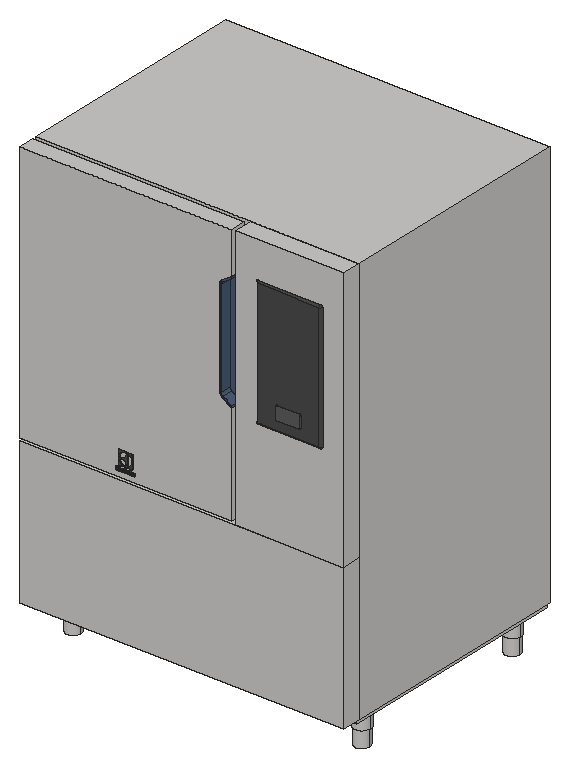
Revit family "QF_ELECTROLUXPROFESSIONAL_727739_EBFA12A", category Specialty Equipment, Revit 2018 (continued)
Automatic sketch dimensions
  Split face 277 sketch curve to Extrusion 4 = 241.478 mm
  Split face 277 sketch curve to Split face 277 sketch curve = 4.974 mm
  Split face 278 sketch curve to Extrusion 4 = 140.047 mm
  Split face 278 sketch curve to Extrusion 4 = 30.031 mm
  Split face 278 sketch curve to Extrusion 4 = 231.978 mm
  Split face 278 sketch curve to Split face 278 sketch curve = 4.974 mm
  Split face 279 sketch curve to Extrusion 4 = 140.047 mm
  Split face 279 sketch curve to Extrusion 4 = 30.031 mm
  Split face 279 sketch curve to Extrusion 4 = 222.478 mm
  Split face 279 sketch curve to Split face 279 sketch curve = 4.974 mm
  Split face 280 sketch curve to Extrusion 4 = 140.047 mm
  Split face 280 sketch curve to Extrusion 4 = 30.031 mm
  Split face 280 sketch curve to Extrusion 4 = 212.978 mm
  Split face 280 sketch curve to Split face 280 sketch curve = 4.974 mm
  Split face 281 sketch curve to Extrusion 4 = 140.047 mm
  Split face 281 sketch curve to Extrusion 4 = 30.031 mm
  Split face 281 sketch curve to Extrusion 4 = 203.478 mm
  Split face 281 sketch curve to Split face 281 sketch curve = 4.974 mm
  Split face 282 sketch curve to Extrusion 4 = 140.047 mm
  Split face 282 sketch curve to Extrusion 4 = 30.031 mm
  Split face 282 sketch curve to Extrusion 4 = 193.978 mm
  Split face 282 sketch curve to Split face 282 sketch curve = 4.974 mm
  Split face 283 sketch curve to Extrusion 4 = 140.047 mm
  Split face 283 sketch curve to Extrusion 4 = 30.031 mm
  Split face 283 sketch curve to Extrusion 4 = 184.478 mm
  Split face 283 sketch curve to Split face 283 sketch curve = 4.974 mm
  Split face 284 sketch curve to Extrusion 4 = 140.047 mm
  Split face 284 sketch curve to Extrusion 4 = 30.031 mm
  Split face 284 sketch curve to Extrusion 4 = 174.978 mm
  Split face 284 sketch curve to Split face 284 sketch curve = 4.974 mm
  Split face 285 sketch curve to Extrusion 4 = 140.047 mm
  Split face 285 sketch curve to Extrusion 4 = 30.031 mm
  Split face 285 sketch curve to Extrusion 4 = 165.478 mm
  Split face 285 sketch curve to Split face 285 sketch curve = 4.974 mm
  Split face 286 sketch curve to Extrusion 4 = 140.047 mm
  Split face 286 sketch curve to Extrusion 4 = 30.031 mm
  Split face 286 sketch curve to Extrusion 4 = 155.978 mm
  Split face 286 sketch curve to Split face 286 sketch curve = 4.974 mm
  Split face 287 sketch curve to Extrusion 4 = 140.047 mm
  Split face 287 sketch curve to Extrusion 4 = 30.031 mm
  Split face 287 sketch curve to Extrusion 4 = 146.478 mm
  Split face 287 sketch curve to Split face 287 sketch curve = 4.974 mm
  Split face 288 sketch curve to Extrusion 4 = 33.499 mm
  Split face 288 sketch curve to Extrusion 4 = 620.012 mm
  Split face 288 sketch curve to Extrusion 4 = 28.525 mm
  Split face 288 sketch curve to Split face 288 sketch curve = 110.016 mm
  Split face 289 sketch curve to Extrusion 4 = 42.999 mm
  Split face 289 sketch curve to Extrusion 4 = 620.012 mm
  Split face 289 sketch curve to Extrusion 4 = 38.025 mm
  Split face 289 sketch curve to Split face 289 sketch curve = 110.016 mm
  Split face 290 sketch curve to Extrusion 4 = 52.499 mm
  Split face 290 sketch curve to Extrusion 4 = 620.012 mm
  Split face 290 sketch curve to Extrusion 4 = 47.525 mm
  Split face 290 sketch curve to Split face 290 sketch curve = 110.016 mm
  Split face 291 sketch curve to Extrusion 4 = 61.999 mm
  Split face 291 sketch curve to Extrusion 4 = 620.012 mm
  Split face 291 sketch curve to Split face 291 sketch curve = 110.016 mm
  Split face 291 sketch curve to Split face 291 sketch curve = 4.974 mm
  Split face 292 sketch curve to Extrusion 4 = 71.499 mm
  Split face 292 sketch curve to Extrusion 4 = 620.012 mm
  Split face 292 sketch curve to Split face 292 sketch curve = 110.016 mm
  Split face 292 sketch curve to Split face 292 sketch curve = 4.974 mm
  Split face 293 sketch curve to Extrusion 4 = 80.999 mm
  Split face 293 sketch curve to Extrusion 4 = 620.012 mm
  Split face 293 sketch curve to Split face 293 sketch curve = 110.016 mm
  Split face 293 sketch curve to Split face 293 sketch curve = 4.974 mm
  Split face 294 sketch curve to Extrusion 4 = 90.499 mm
  Split face 294 sketch curve to Extrusion 4 = 620.012 mm
  Split face 294 sketch curve to Split face 294 sketch curve = 110.016 mm
  Split face 294 sketch curve to Split face 294 sketch curve = 4.974 mm
  Split face 295 sketch curve to Extrusion 4 = 99.999 mm
  Split face 295 sketch curve to Extrusion 4 = 620.012 mm
  Split face 295 sketch curve to Split face 295 sketch curve = 110.016 mm
  Split face 295 sketch curve to Split face 295 sketch curve = 4.974 mm
  Split face 296 sketch curve to Extrusion 4 = 109.499 mm
  Split face 296 sketch curve to Extrusion 4 = 620.012 mm
  Split face 296 sketch curve to Split face 296 sketch curve = 110.016 mm
  Split face 296 sketch curve to Split face 296 sketch curve = 4.974 mm
  Split face 297 sketch curve to Extrusion 4 = 119 mm
  Split face 297 sketch curve to Extrusion 4 = 620.012 mm
  Split face 297 sketch curve to Split face 297 sketch curve = 110.016 mm
  Split face 297 sketch curve to Split face 297 sketch curve = 4.974 mm
  Split face 298 sketch curve to Extrusion 4 = 128.5 mm
  Split face 298 sketch curve to Extrusion 4 = 620.012 mm
  Split face 298 sketch curve to Split face 298 sketch curve = 110.016 mm
  Split face 298 sketch curve to Split face 298 sketch curve = 4.974 mm
  Split face 299 sketch curve to Extrusion 4 = 138 mm
  Split face 299 sketch curve to Extrusion 4 = 620.012 mm
  Split face 299 sketch curve to Split face 299 sketch curve = 110.016 mm
  Split face 299 sketch curve to Split face 299 sketch curve = 4.974 mm
  Split face 300 sketch curve to Extrusion 4 = 147.5 mm
  Split face 300 sketch curve to Extrusion 4 = 620.012 mm
  Split face 300 sketch curve to Split face 300 sketch curve = 110.016 mm
  Split face 300 sketch curve to Split face 300 sketch curve = 4.974 mm
  Split face 301 sketch curve to Extrusion 4 = 157 mm
  Split face 301 sketch curve to Extrusion 4 = 620.012 mm
  Split face 301 sketch curve to Split face 301 sketch curve = 110.016 mm
  Split face 301 sketch curve to Split face 301 sketch curve = 4.974 mm
  Split face 302 sketch curve to Extrusion 4 = 166.5 mm
  Split face 302 sketch curve to Extrusion 4 = 620.012 mm
  Split face 302 sketch curve to Split face 302 sketch curve = 110.016 mm
  Split face 302 sketch curve to Split face 302 sketch curve = 4.974 mm
  Split face 303 sketch curve to Extrusion 4 = 176 mm
  Split face 303 sketch curve to Extrusion 4 = 620.012 mm
  Split face 303 sketch curve to Split face 303 sketch curve = 110.016 mm
  Split face 303 sketch curve to Split face 303 sketch curve = 4.974 mm
  Split face 304 sketch curve to Extrusion 4 = 185.5 mm
  Split face 304 sketch curve to Extrusion 4 = 620.012 mm
  Split face 304 sketch curve to Split face 304 sketch curve = 110.016 mm
  Split face 304 sketch curve to Split face 304 sketch curve = 4.974 mm
  Split face 305 sketch curve to Extrusion 4 = 195 mm
  Split face 305 sketch curve to Extrusion 4 = 620.012 mm
  Split face 305 sketch curve to Split face 305 sketch curve = 110.016 mm
  Split face 305 sketch curve to Split face 305 sketch curve = 4.974 mm
  Split face 306 sketch curve to Extrusion 4 = 204.5 mm
  Split face 306 sketch curve to Extrusion 4 = 620.012 mm
  Split face 306 sketch curve to Split face 306 sketch curve = 110.016 mm
  Split face 306 sketch curve to Split face 306 sketch curve = 4.974 mm
  Split face 307 sketch curve to Extrusion 4 = 214 mm
  Split face 307 sketch curve to Extrusion 4 = 620.012 mm
  Split face 307 sketch curve to Split face 307 sketch curve = 110.016 mm
  Split face 307 sketch curve to Split face 307 sketch curve = 4.974 mm
  Split face 308 sketch curve to Extrusion 4 = 223.5 mm
  Split face 308 sketch curve to Extrusion 4 = 620.012 mm
  Split face 308 sketch curve to Split face 308 sketch curve = 110.016 mm
  Split face 308 sketch curve to Split face 308 sketch curve = 4.974 mm
  Split face 309 sketch curve to Extrusion 4 = 233.001 mm
  Split face 309 sketch curve to Extrusion 4 = 620.012 mm
  Split face 309 sketch curve to Split face 309 sketch curve = 110.016 mm
  Split face 309 sketch curve to Split face 309 sketch curve = 4.974 mm
  Split face 310 sketch curve to Extrusion 4 = 242.501 mm
  Split face 310 sketch curve to Extrusion 4 = 620.012 mm
  Split face 310 sketch curve to Split face 310 sketch curve = 110.016 mm
  Split face 310 sketch curve to Split face 310 sketch curve = 4.974 mm
  Split face 311 sketch curve to Extrusion 4 = 252.001 mm
  Split face 311 sketch curve to Extrusion 4 = 620.012 mm
  Split face 311 sketch curve to Split face 311 sketch curve = 110.016 mm
  Split face 311 sketch curve to Split face 311 sketch curve = 4.974 mm
  Split face 312 sketch curve to Extrusion 4 = 261.501 mm
  Split face 312 sketch curve to Extrusion 4 = 620.012 mm
  Split face 312 sketch curve to Split face 312 sketch curve = 110.016 mm
  Split face 312 sketch curve to Split face 312 sketch curve = 4.974 mm
  Split face 313 sketch curve to Extrusion 4 = 271.001 mm
  Split face 313 sketch curve to Extrusion 4 = 620.012 mm
  Split face 313 sketch curve to Split face 313 sketch curve = 110.016 mm
  Split face 313 sketch curve to Split face 313 sketch curve = 4.974 mm
  Split face 314 sketch curve to Extrusion 4 = 279.479 mm
  Split face 314 sketch curve to Extrusion 4 = 620.012 mm
  Split face 314 sketch curve to Split face 314 sketch curve = 110.016 mm
  Split face 314 sketch curve to Split face 314 sketch curve = 4.974 mm
  Split face 315 sketch curve to Extrusion 4 = 269.979 mm
  Split face 315 sketch curve to Extrusion 4 = 620.012 mm
  Split face 315 sketch curve to Split face 315 sketch curve = 110.016 mm
  Split face 315 sketch curve to Split face 315 sketch curve = 4.974 mm
  Split face 316 sketch curve to Extrusion 4 = 260.479 mm
  Split face 316 sketch curve to Extrusion 4 = 620.012 mm
  Split face 316 sketch curve to Split face 316 sketch curve = 110.016 mm
  Split face 316 sketch curve to Split face 316 sketch curve = 4.974 mm
  Split face 317 sketch curve to Extrusion 4 = 250.978 mm
  Split face 317 sketch curve to Extrusion 4 = 620.012 mm
  Split face 317 sketch curve to Split face 317 sketch curve = 110.016 mm
  Split face 317 sketch curve to Split face 317 sketch curve = 4.974 mm
  Split face 318 sketch curve to Extrusion 4 = 241.478 mm
  Split face 318 sketch curve to Extrusion 4 = 620.012 mm
  Split face 318 sketch curve to Split face 318 sketch curve = 110.016 mm
  Split face 318 sketch curve to Split face 318 sketch curve = 4.974 mm
  Split face 319 sketch curve to Extrusion 4 = 231.978 mm
  Split face 319 sketch curve to Extrusion 4 = 620.012 mm
  Split face 319 sketch curve to Split face 319 sketch curve = 110.016 mm
  Split face 319 sketch curve to Split face 319 sketch curve = 4.974 mm
  Split face 320 sketch curve to Extrusion 4 = 222.478 mm
  Split face 320 sketch curve to Extrusion 4 = 620.012 mm
  Split face 320 sketch curve to Split face 320 sketch curve = 110.016 mm
  Split face 320 sketch curve to Split face 320 sketch curve = 4.974 mm
  Split face 321 sketch curve to Extrusion 4 = 212.978 mm
  Split face 321 sketch curve to Extrusion 4 = 620.012 mm
  Split face 321 sketch curve to Split face 321 sketch curve = 110.016 mm
  Split face 321 sketch curve to Split face 321 sketch curve = 4.974 mm
  Split face 322 sketch curve to Extrusion 4 = 203.478 mm
  Split face 322 sketch curve to Extrusion 4 = 620.012 mm
  Split face 322 sketch curve to Split face 322 sketch curve = 110.016 mm
  Split face 322 sketch curve to Split face 322 sketch curve = 4.974 mm
  Split face 323 sketch curve to Extrusion 4 = 193.978 mm
  Split face 323 sketch curve to Extrusion 4 = 620.012 mm
  Split face 323 sketch curve to Split face 323 sketch curve = 110.016 mm
  Split face 323 sketch curve to Split face 323 sketch curve = 4.974 mm
  Split face 324 sketch curve to Extrusion 4 = 184.478 mm
  Split face 324 sketch curve to Extrusion 4 = 620.012 mm
  Split face 324 sketch curve to Split face 324 sketch curve = 110.016 mm
  Split face 324 sketch curve to Split face 324 sketch curve = 4.974 mm
  Split face 325 sketch curve to Extrusion 4 = 174.978 mm
  Split face 325 sketch curve to Extrusion 4 = 620.012 mm
  Split face 325 sketch curve to Split face 325 sketch curve = 110.016 mm
  Split face 325 sketch curve to Split face 325 sketch curve = 4.974 mm
  Split face 326 sketch curve to Extrusion 4 = 165.478 mm
  Split face 326 sketch curve to Extrusion 4 = 620.012 mm
  Split face 326 sketch curve to Split face 326 sketch curve = 110.016 mm
  Split face 326 sketch curve to Split face 326 sketch curve = 4.974 mm
  Split face 327 sketch curve to Extrusion 4 = 155.978 mm
  Split face 327 sketch curve to Extrusion 4 = 620.012 mm
  Split face 327 sketch curve to Split face 327 sketch curve = 110.016 mm
  Split face 327 sketch curve to Split face 327 sketch curve = 4.974 mm
  Split face 328 sketch curve to Extrusion 4 = 146.478 mm
  Split face 328 sketch curve to Extrusion 4 = 620.012 mm
  Split face 328 sketch curve to Split face 328 sketch curve = 110.016 mm
  Split face 328 sketch curve to Split face 328 sketch curve = 4.974 mm
  Split face 329 sketch curve to Extrusion 4 = 33.499 mm
  Split face 329 sketch curve to Extrusion 4 = 500.021 mm
  Split face 329 sketch curve to Extrusion 4 = 28.525 mm
  Split face 329 sketch curve to Split face 329 sketch curve = 110.016 mm
  Split face 330 sketch curve to Extrusion 4 = 42.999 mm
  Split face 330 sketch curve to Extrusion 4 = 500.021 mm
  Split face 330 sketch curve to Extrusion 4 = 38.025 mm
  Split face 330 sketch curve to Split face 330 sketch curve = 110.016 mm
  Split face 331 sketch curve to Extrusion 4 = 52.499 mm
  Split face 331 sketch curve to Extrusion 4 = 500.021 mm
  Split face 331 sketch curve to Extrusion 4 = 47.525 mm
  Split face 331 sketch curve to Split face 331 sketch curve = 110.016 mm
  Split face 332 sketch curve to Extrusion 4 = 61.999 mm
  Split face 332 sketch curve to Extrusion 4 = 500.021 mm
  Split face 332 sketch curve to Split face 332 sketch curve = 110.016 mm
  Split face 332 sketch curve to Split face 332 sketch curve = 4.974 mm
  Split face 333 sketch curve to Extrusion 4 = 71.499 mm
  Split face 333 sketch curve to Extrusion 4 = 500.021 mm
  Split face 333 sketch curve to Split face 333 sketch curve = 110.016 mm
  Split face 333 sketch curve to Split face 333 sketch curve = 4.974 mm
  Split face 334 sketch curve to Extrusion 4 = 80.999 mm
  Split face 334 sketch curve to Extrusion 4 = 500.021 mm
  Split face 334 sketch curve to Split face 334 sketch curve = 110.016 mm
  Split face 334 sketch curve to Split face 334 sketch curve = 4.974 mm
  Split face 335 sketch curve to Extrusion 4 = 90.499 mm
  Split face 335 sketch curve to Extrusion 4 = 500.021 mm
  Split face 335 sketch curve to Split face 335 sketch curve = 110.016 mm
  Split face 335 sketch curve to Split face 335 sketch curve = 4.974 mm
  Split face 336 sketch curve to Extrusion 4 = 99.999 mm
  Split face 336 sketch curve to Extrusion 4 = 500.021 mm
  Split face 336 sketch curve to Split face 336 sketch curve = 110.016 mm
  Split face 336 sketch curve to Split face 336 sketch curve = 4.974 mm
  Split face 337 sketch curve to Extrusion 4 = 109.499 mm
  Split face 337 sketch curve to Extrusion 4 = 500.021 mm
  Split face 337 sketch curve to Split face 337 sketch curve = 110.016 mm
  Split face 337 sketch curve to Split face 337 sketch curve = 4.974 mm
  Split face 338 sketch curve to Extrusion 4 = 119 mm
  Split face 338 sketch curve to Extrusion 4 = 500.021 mm
  Split face 338 sketch curve to Split face 338 sketch curve = 110.016 mm
  Split face 338 sketch curve to Split face 338 sketch curve = 4.974 mm
  Split face 339 sketch curve to Extrusion 4 = 128.5 mm
  Split face 339 sketch curve to Extrusion 4 = 500.021 mm
  Split face 339 sketch curve to Split face 339 sketch curve = 110.016 mm
  Split face 339 sketch curve to Split face 339 sketch curve = 4.974 mm
  Split face 340 sketch curve to Extrusion 4 = 138 mm
  Split face 340 sketch curve to Extrusion 4 = 500.021 mm
  Split face 340 sketch curve to Split face 340 sketch curve = 110.016 mm
  Split face 340 sketch curve to Split face 340 sketch curve = 4.974 mm
  Split face 341 sketch curve to Extrusion 4 = 147.5 mm
  Split face 341 sketch curve to Extrusion 4 = 500.021 mm
  Split face 341 sketch curve to Split face 341 sketch curve = 110.016 mm
  Split face 341 sketch curve to Split face 341 sketch curve = 4.974 mm
  Split face 342 sketch curve to Extrusion 4 = 157 mm
  Split face 342 sketch curve to Extrusion 4 = 500.021 mm
  Split face 342 sketch curve to Split face 342 sketch curve = 110.016 mm
  Split face 342 sketch curve to Split face 342 sketch curve = 4.974 mm
  Split face 343 sketch curve to Extrusion 4 = 166.5 mm
  Split face 343 sketch curve to Extrusion 4 = 500.021 mm
  Split face 343 sketch curve to Split face 343 sketch curve = 110.016 mm
  Split face 343 sketch curve to Split face 343 sketch curve = 4.974 mm
  Split face 344 sketch curve to Extrusion 4 = 176 mm
  Split face 344 sketch curve to Extrusion 4 = 500.021 mm
  Split face 344 sketch curve to Split face 344 sketch curve = 110.016 mm
  Split face 344 sketch curve to Split face 344 sketch curve = 4.974 mm
  Split face 345 sketch curve to Extrusion 4 = 185.5 mm
  Split face 345 sketch curve to Extrusion 4 = 500.021 mm
  Split face 345 sketch curve to Split face 345 sketch curve = 110.016 mm
  Split face 345 sketch curve to Split face 345 sketch curve = 4.974 mm
  Split face 346 sketch curve to Extrusion 4 = 195 mm
  Split face 346 sketch curve to Extrusion 4 = 500.021 mm
  Split face 346 sketch curve to Split face 346 sketch curve = 110.016 mm
  Split face 346 sketch curve to Split face 346 sketch curve = 4.974 mm
  Split face 347 sketch curve to Extrusion 4 = 204.5 mm
  Split face 347 sketch curve to Extrusion 4 = 500.021 mm
  Split face 347 sketch curve to Split face 347 sketch curve = 110.016 mm
  Split face 347 sketch curve to Split face 347 sketch curve = 4.974 mm
  Split face 348 sketch curve to Extrusion 4 = 214 mm
  Split face 348 sketch curve to Extrusion 4 = 500.021 mm
  Split face 348 sketch curve to Split face 348 sketch curve = 110.016 mm
  Split face 348 sketch curve to Split face 348 sketch curve = 4.974 mm
  Split face 349 sketch curve to Extrusion 4 = 223.5 mm
  Split face 349 sketch curve to Extrusion 4 = 500.021 mm
  Split face 349 sketch curve to Split face 349 sketch curve = 110.016 mm
  Split face 349 sketch curve to Split face 349 sketch curve = 4.974 mm
  Split face 350 sketch curve to Extrusion 4 = 233.001 mm
  Split face 350 sketch curve to Extrusion 4 = 500.021 mm
  Split face 350 sketch curve to Split face 350 sketch curve = 110.016 mm
  Split face 350 sketch curve to Split face 350 sketch curve = 4.974 mm
  Split face 351 sketch curve to Extrusion 4 = 242.501 mm
  Split face 351 sketch curve to Extrusion 4 = 500.021 mm
  Split face 351 sketch curve to Split face 351 sketch curve = 110.016 mm
  Split face 351 sketch curve to Split face 351 sketch curve = 4.974 mm
  Split face 352 sketch curve to Extrusion 4 = 500.021 mm
  Split face 352 sketch curve to Split face 352 sketch curve = 110.016 mm
  Split face 352 sketch curve to Extrusion 4 = 252.001 mm
  Split face 352 sketch curve to Split face 352 sketch curve = 4.974 mm
  Split face 353 sketch curve to Extrusion 4 = 500.021 mm
  Split face 353 sketch curve to Split face 353 sketch curve = 110.016 mm
  Split face 353 sketch curve to Extrusion 4 = 261.501 mm
  Split face 353 sketch curve to Split face 353 sketch curve = 4.974 mm
  Split face 354 sketch curve to Extrusion 4 = 500.021 mm
  Split face 354 sketch curve to Split face 354 sketch curve = 110.016 mm
  Split face 354 sketch curve to Extrusion 4 = 271.001 mm
  Split face 354 sketch curve to Split face 354 sketch curve = 4.974 mm
  Split face 355 sketch curve to Extrusion 4 = 500.021 mm
  Split face 355 sketch curve to Split face 355 sketch curve = 110.016 mm
  Split face 355 sketch curve to Extrusion 4 = 279.479 mm
  Split face 355 sketch curve to Split face 355 sketch curve = 4.974 mm
  Split face 356 sketch curve to Extrusion 4 = 500.021 mm
  Split face 356 sketch curve to Split face 356 sketch curve = 110.016 mm
  Split face 356 sketch curve to Extrusion 4 = 269.979 mm
  Split face 356 sketch curve to Split face 356 sketch curve = 4.974 mm
  Split face 357 sketch curve to Extrusion 4 = 500.021 mm
  Split face 357 sketch curve to Split face 357 sketch curve = 110.016 mm
  Split face 357 sketch curve to Extrusion 4 = 260.479 mm
  Split face 357 sketch curve to Split face 357 sketch curve = 4.974 mm
  Split face 358 sketch curve to Extrusion 4 = 500.021 mm
  Split face 358 sketch curve to Split face 358 sketch curve = 110.016 mm
  Split face 358 sketch curve to Extrusion 4 = 250.978 mm
  Split face 358 sketch curve to Split face 358 sketch curve = 4.974 mm
  Split face 359 sketch curve to Extrusion 4 = 241.478 mm
  Split face 359 sketch curve to Extrusion 4 = 500.021 mm
  Split face 359 sketch curve to Split face 359 sketch curve = 110.016 mm
  Split face 359 sketch curve to Split face 359 sketch curve = 4.974 mm
  Split face 360 sketch curve to Extrusion 4 = 231.978 mm
  Split face 360 sketch curve to Extrusion 4 = 500.021 mm
  Split face 360 sketch curve to Split face 360 sketch curve = 110.016 mm
  Split face 360 sketch curve to Split face 360 sketch curve = 4.974 mm
  Split face 361 sketch curve to Extrusion 4 = 222.478 mm
  Split face 361 sketch curve to Extrusion 4 = 500.021 mm
  Split face 361 sketch curve to Split face 361 sketch curve = 110.016 mm
  Split face 361 sketch curve to Split face 361 sketch curve = 4.974 mm
  Split face 362 sketch curve to Extrusion 4 = 212.978 mm
  Split face 362 sketch curve to Extrusion 4 = 500.021 mm
  Split face 362 sketch curve to Split face 362 sketch curve = 110.016 mm
  Split face 362 sketch curve to Split face 362 sketch curve = 4.974 mm
  Split face 363 sketch curve to Extrusion 4 = 203.478 mm
  Split face 363 sketch curve to Extrusion 4 = 500.021 mm
  Split face 363 sketch curve to Split face 363 sketch curve = 110.016 mm
  Split face 363 sketch curve to Split face 363 sketch curve = 4.974 mm
  Split face 364 sketch curve to Extrusion 4 = 193.978 mm
  Split face 364 sketch curve to Extrusion 4 = 500.021 mm
  Split face 364 sketch curve to Split face 364 sketch curve = 110.016 mm
  Split face 364 sketch curve to Split face 364 sketch curve = 4.974 mm
  Split face 365 sketch curve to Extrusion 4 = 184.478 mm
  Split face 365 sketch curve to Extrusion 4 = 500.021 mm
  Split face 365 sketch curve to Split face 365 sketch curve = 110.016 mm
  Split face 365 sketch curve to Split face 365 sketch curve = 4.974 mm
  Split face 366 sketch curve to Extrusion 4 = 174.978 mm
  Split face 366 sketch curve to Extrusion 4 = 500.021 mm
  Split face 366 sketch curve to Split face 366 sketch curve = 110.016 mm
  Split face 366 sketch curve to Split face 366 sketch curve = 4.974 mm
  Split face 367 sketch curve to Extrusion 4 = 165.478 mm
  Split face 367 sketch curve to Extrusion 4 = 500.021 mm
  Split face 367 sketch curve to Split face 367 sketch curve = 110.016 mm
  Split face 367 sketch curve to Split face 367 sketch curve = 4.974 mm
  Split face 368 sketch curve to Extrusion 4 = 155.978 mm
  Split face 368 sketch curve to Extrusion 4 = 500.021 mm
  Split face 368 sketch curve to Split face 368 sketch curve = 110.016 mm
  Split face 368 sketch curve to Split face 368 sketch curve = 4.974 mm
  Split face 369 sketch curve to Extrusion 4 = 146.478 mm
  Split face 369 sketch curve to Extrusion 4 = 500.021 mm
  Split face 369 sketch curve to Split face 369 sketch curve = 110.016 mm
  Split face 369 sketch curve to Split face 369 sketch curve = 4.974 mm
  Split face 370 sketch curve to Extrusion 4 = 33.499 mm
  Split face 370 sketch curve to Extrusion 4 = 509.996 mm
  Split face 370 sketch curve to Extrusion 4 = 28.525 mm
  Split face 370 sketch curve to Split face 370 sketch curve = 110.016 mm
  Split face 371 sketch curve to Extrusion 4 = 42.999 mm
  Split face 371 sketch curve to Extrusion 4 = 509.996 mm
  Split face 371 sketch curve to Extrusion 4 = 38.025 mm
  Split face 371 sketch curve to Split face 371 sketch curve = 110.016 mm
  Split face 372 sketch curve to Extrusion 4 = 52.499 mm
  Split face 372 sketch curve to Extrusion 4 = 509.996 mm
  Split face 372 sketch curve to Extrusion 4 = 47.525 mm
  Split face 372 sketch curve to Split face 372 sketch curve = 110.016 mm
  Split face 373 sketch curve to Extrusion 4 = 61.999 mm
  Split face 373 sketch curve to Extrusion 4 = 509.996 mm
  Split face 373 sketch curve to Split face 373 sketch curve = 110.016 mm
  Split face 373 sketch curve to Split face 373 sketch curve = 4.974 mm
  Split face 374 sketch curve to Extrusion 4 = 71.499 mm
  Split face 374 sketch curve to Extrusion 4 = 509.996 mm
  Split face 374 sketch curve to Split face 374 sketch curve = 110.016 mm
  Split face 374 sketch curve to Split face 374 sketch curve = 4.974 mm
  Split face 375 sketch curve to Extrusion 4 = 80.999 mm
  Split face 375 sketch curve to Extrusion 4 = 509.996 mm
  Split face 375 sketch curve to Split face 375 sketch curve = 110.016 mm
  Split face 375 sketch curve to Split face 375 sketch curve = 4.974 mm
  Split face 376 sketch curve to Extrusion 4 = 90.499 mm
  Split face 376 sketch curve to Extrusion 4 = 509.996 mm
  Split face 376 sketch curve to Split face 376 sketch curve = 110.016 mm
  Split face 376 sketch curve to Split face 376 sketch curve = 4.974 mm
  Split face 377 sketch curve to Extrusion 4 = 99.999 mm
  Split face 377 sketch curve to Extrusion 4 = 509.996 mm
  Split face 377 sketch curve to Split face 377 sketch curve = 110.016 mm
  Split face 377 sketch curve to Split face 377 sketch curve = 4.974 mm
  Split face 378 sketch curve to Extrusion 4 = 109.499 mm
  Split face 378 sketch curve to Extrusion 4 = 509.996 mm
  Split face 378 sketch curve to Split face 378 sketch curve = 110.016 mm
  Split face 378 sketch curve to Split face 378 sketch curve = 4.974 mm
  Split face 379 sketch curve to Extrusion 4 = 119 mm
  Split face 379 sketch curve to Extrusion 4 = 509.996 mm
  Split face 379 sketch curve to Split face 379 sketch curve = 110.016 mm
  Split face 379 sketch curve to Split face 379 sketch curve = 4.974 mm
  Split face 380 sketch curve to Extrusion 4 = 128.5 mm
  Split face 380 sketch curve to Extrusion 4 = 509.996 mm
  Split face 380 sketch curve to Split face 380 sketch curve = 110.016 mm
  Split face 380 sketch curve to Split face 380 sketch curve = 4.974 mm
  Split face 381 sketch curve to Extrusion 4 = 138 mm
  Split face 381 sketch curve to Extrusion 4 = 509.996 mm
  Split face 381 sketch curve to Split face 381 sketch curve = 110.016 mm
  Split face 381 sketch curve to Split face 381 sketch curve = 4.974 mm
  Split face 382 sketch curve to Extrusion 4 = 147.5 mm
  Split face 382 sketch curve to Extrusion 4 = 509.996 mm
  Split face 382 sketch curve to Split face 382 sketch curve = 110.016 mm
  Split face 382 sketch curve to Split face 382 sketch curve = 4.974 mm
  Split face 383 sketch curve to Extrusion 4 = 157 mm
  Split face 383 sketch curve to Extrusion 4 = 509.996 mm
  Split face 383 sketch curve to Split face 383 sketch curve = 110.016 mm
  Split face 383 sketch curve to Split face 383 sketch curve = 4.974 mm
  Split face 384 sketch curve to Extrusion 4 = 166.5 mm
  Split face 384 sketch curve to Extrusion 4 = 509.996 mm
  Split face 384 sketch curve to Split face 384 sketch curve = 110.016 mm
  Split face 384 sketch curve to Split face 384 sketch curve = 4.974 mm
  Split face 385 sketch curve to Extrusion 4 = 176 mm
  Split face 385 sketch curve to Extrusion 4 = 509.996 mm
  Split face 385 sketch curve to Split face 385 sketch curve = 110.016 mm
  Split face 385 sketch curve to Split face 385 sketch curve = 4.974 mm
  Split face 386 sketch curve to Extrusion 4 = 185.5 mm
  Split face 386 sketch curve to Extrusion 4 = 509.996 mm
  Split face 386 sketch curve to Split face 386 sketch curve = 110.016 mm
  Split face 386 sketch curve to Split face 386 sketch curve = 4.974 mm
  Split face 387 sketch curve to Extrusion 4 = 195 mm
  Split face 387 sketch curve to Extrusion 4 = 509.996 mm
  Split face 387 sketch curve to Split face 387 sketch curve = 110.016 mm
  Split face 387 sketch curve to Split face 387 sketch curve = 4.974 mm
  Split face 388 sketch curve to Extrusion 4 = 204.5 mm
  Split face 388 sketch curve to Extrusion 4 = 509.996 mm
  Split face 388 sketch curve to Split face 388 sketch curve = 110.016 mm
  Split face 388 sketch curve to Split face 388 sketch curve = 4.974 mm
  Split face 389 sketch curve to Extrusion 4 = 214 mm
  Split face 389 sketch curve to Extrusion 4 = 509.996 mm
  Split face 389 sketch curve to Split face 389 sketch curve = 110.016 mm
  Split face 389 sketch curve to Split face 389 sketch curve = 4.974 mm
  Split face 390 sketch curve to Extrusion 4 = 223.5 mm
  Split face 390 sketch curve to Extrusion 4 = 509.996 mm
  Split face 390 sketch curve to Split face 390 sketch curve = 110.016 mm
  Split face 390 sketch curve to Split face 390 sketch curve = 4.974 mm
  Split face 391 sketch curve to Extrusion 4 = 233.001 mm
  Split face 391 sketch curve to Extrusion 4 = 509.996 mm
  Split face 391 sketch curve to Split face 391 sketch curve = 110.016 mm
  Split face 391 sketch curve to Split face 391 sketch curve = 4.974 mm
  Split face 392 sketch curve to Extrusion 4 = 242.501 mm
  Split face 392 sketch curve to Extrusion 4 = 509.996 mm
  Split face 392 sketch curve to Split face 392 sketch curve = 110.016 mm
  Split face 392 sketch curve to Split face 392 sketch curve = 4.974 mm
  Split face 393 sketch curve to Extrusion 4 = 252.001 mm
  Split face 393 sketch curve to Extrusion 4 = 509.996 mm
  Split face 393 sketch curve to Split face 393 sketch curve = 110.016 mm
  Split face 393 sketch curve to Split face 393 sketch curve = 4.974 mm
  Split face 394 sketch curve to Extrusion 4 = 509.996 mm
  Split face 394 sketch curve to Split face 394 sketch curve = 110.016 mm
  Split face 394 sketch curve to Extrusion 4 = 261.501 mm
  Split face 394 sketch curve to Split face 394 sketch curve = 4.974 mm
  Split face 395 sketch curve to Extrusion 4 = 509.996 mm
  Split face 395 sketch curve to Split face 395 sketch curve = 110.016 mm
  Split face 395 sketch curve to Extrusion 4 = 271.001 mm
  Split face 395 sketch curve to Split face 395 sketch curve = 4.974 mm
  Split face 396 sketch curve to Extrusion 4 = 509.996 mm
  Split face 396 sketch curve to Split face 396 sketch curve = 110.016 mm
  Split face 396 sketch curve to Extrusion 4 = 279.479 mm
  Split face 396 sketch curve to Split face 396 sketch curve = 4.974 mm
  Split face 397 sketch curve to Extrusion 4 = 509.996 mm
  Split face 397 sketch curve to Split face 397 sketch curve = 110.016 mm
  Split face 397 sketch curve to Extrusion 4 = 269.979 mm
  Split face 397 sketch curve to Split face 397 sketch curve = 4.974 mm
  Split face 398 sketch curve to Extrusion 4 = 509.996 mm
  Split face 398 sketch curve to Split face 398 sketch curve = 110.016 mm
  Split face 398 sketch curve to Extrusion 4 = 260.479 mm
  Split face 398 sketch curve to Split face 398 sketch curve = 4.974 mm
  Split face 399 sketch curve to Extrusion 4 = 250.978 mm
  Split face 399 sketch curve to Extrusion 4 = 509.996 mm
  Split face 399 sketch curve to Split face 399 sketch curve = 110.016 mm
  Split face 399 sketch curve to Split face 399 sketch curve = 4.974 mm
  Split face 400 sketch curve to Extrusion 4 = 241.478 mm
  Split face 400 sketch curve to Extrusion 4 = 509.996 mm
  Split face 400 sketch curve to Split face 400 sketch curve = 110.016 mm
  Split face 400 sketch curve to Split face 400 sketch curve = 4.974 mm
  Split face 401 sketch curve to Extrusion 4 = 231.978 mm
  Split face 401 sketch curve to Extrusion 4 = 509.996 mm
  Split face 401 sketch curve to Split face 401 sketch curve = 110.016 mm
  Split face 401 sketch curve to Split face 401 sketch curve = 4.974 mm
  Split face 402 sketch curve to Extrusion 4 = 222.478 mm
  Split face 402 sketch curve to Extrusion 4 = 509.996 mm
  Split face 402 sketch curve to Split face 402 sketch curve = 110.016 mm
  Split face 402 sketch curve to Split face 402 sketch curve = 4.974 mm
  Split face 403 sketch curve to Extrusion 4 = 212.978 mm
  Split face 403 sketch curve to Extrusion 4 = 509.996 mm
  Split face 403 sketch curve to Split face 403 sketch curve = 110.016 mm
  Split face 403 sketch curve to Split face 403 sketch curve = 4.974 mm
  Split face 404 sketch curve to Extrusion 4 = 203.478 mm
  Split face 404 sketch curve to Extrusion 4 = 509.996 mm
  Split face 404 sketch curve to Split face 404 sketch curve = 110.016 mm
  Split face 404 sketch curve to Split face 404 sketch curve = 4.974 mm
  Split face 405 sketch curve to Extrusion 4 = 193.978 mm
  Split face 405 sketch curve to Extrusion 4 = 509.996 mm
  Split face 405 sketch curve to Split face 405 sketch curve = 110.016 mm
  Split face 405 sketch curve to Split face 405 sketch curve = 4.974 mm
  Split face 406 sketch curve to Extrusion 4 = 184.478 mm
  Split face 406 sketch curve to Extrusion 4 = 509.996 mm
  Split face 406 sketch curve to Split face 406 sketch curve = 110.016 mm
  Split face 406 sketch curve to Split face 406 sketch curve = 4.974 mm
  Split face 407 sketch curve to Extrusion 4 = 174.978 mm
  Split face 407 sketch curve to Extrusion 4 = 509.996 mm
  Split face 407 sketch curve to Split face 407 sketch curve = 110.016 mm
  Split face 407 sketch curve to Split face 407 sketch curve = 4.974 mm
  Split face 408 sketch curve to Extrusion 4 = 165.478 mm
  Split face 408 sketch curve to Extrusion 4 = 509.996 mm
  Split face 408 sketch curve to Split face 408 sketch curve = 110.016 mm
  Split face 408 sketch curve to Split face 408 sketch curve = 4.974 mm
  Split face 409 sketch curve to Extrusion 4 = 155.978 mm
  Split face 409 sketch curve to Extrusion 4 = 509.996 mm
  Split face 409 sketch curve to Split face 409 sketch curve = 110.016 mm
  Split face 409 sketch curve to Split face 409 sketch curve = 4.974 mm
  Split face 410 sketch curve to Extrusion 4 = 146.478 mm
  Split face 410 sketch curve to Extrusion 4 = 509.996 mm
  Split face 410 sketch curve to Split face 410 sketch curve = 110.016 mm
  Split face 410 sketch curve to Split face 410 sketch curve = 4.974 mm
  Extrusion 14 sketch curve to plane 7 "TOP" = 0 mm
  plane 5 "FRONT" to Extrusion 14 sketch curve = 0 mm
  plane 10 to Extrusion 14 sketch curve = 47.24 mm
  Extrusion 14 sketch curve to plane 7 "TOP" = 186.112 mm
  Extrusion 14 sketch curve to Extrusion 14 sketch curve = 8.487 mm
  Extrusion 14 sketch curve to Extrusion 14 sketch curve = 8.95 mm
  Extrusion 14 sketch curve to Extrusion 14 sketch curve = 10.513 mm
  Extrusion 14 sketch curve to Extrusion 14 sketch curve = 11.05 mm
  Extrusion 14 sketch curve to Extrusion 14 sketch curve = 35.79 mm
  Extrusion 14 sketch curve to plane 7 "TOP" = 162.03 mm
  Extrusion 14 sketch curve to Extrusion 14 sketch curve = 36.253 mm
  Extrusion 14 sketch curve to Extrusion 14 sketch curve = 374.913 mm
  Extrusion 14 sketch curve to Extrusion 14 sketch curve = 23.723 mm
  plane 6 to Extrusion 14 sketch curve = 589.524 mm
  plane 10 to Extrusion 15 sketch curve = 47.24 mm
  Extrusion 15 sketch curve to plane 7 "TOP" = 186.112 mm
  Extrusion 15 sketch curve to Extrusion 15 sketch curve = 8.487 mm
  Extrusion 15 sketch curve to Extrusion 15 sketch curve = 8.95 mm
  Extrusion 15 sketch curve to Extrusion 15 sketch curve = 19 mm
  Extrusion 15 sketch curve to Extrusion 15 sketch curve = 11.05 mm
  Extrusion 15 sketch curve to Extrusion 15 sketch curve = 374.913 mm
  Extrusion 15 sketch curve to plane 7 "TOP" = 162.03 mm
  Extrusion 15 sketch curve to Extrusion 15 sketch curve = 36.253 mm
  Extrusion 15 sketch curve to Extrusion 15 sketch curve = 35.79 mm
  Extrusion 15 sketch curve to Extrusion 15 sketch curve = 0 mm  (x3)
  Extrusion 15 sketch curve to Extrusion 15 sketch curve = 23.723 mm
  Extrusion 16 sketch curve to Extrusion 16 sketch curve = 0 mm  (x4)
  Extrusion 16 sketch curve to plane 7 "TOP" = 168.172 mm
  Extrusion 16 sketch curve to plane 10 = 0 mm  (x2)
  Extrusion 16 sketch curve to plane 7 "TOP" = 162.03 mm
  Extrusion 16 sketch curve to Extrusion 16 sketch curve = 2.5 mm  (x2)
  Extrusion 16 sketch curve to Extrusion 16 sketch curve = 27.24 mm
  Extrusion 16 sketch curve to Extrusion 16 sketch curve = 28.24 mm
  Extrusion 16 sketch curve to Extrusion 16 sketch curve = 7.459 mm
  Extrusion 16 sketch curve to plane 7 "TOP" = 191.526 mm
  Extrusion 16 sketch curve to Extrusion 16 sketch curve = 6.917 mm
  Extrusion 16 sketch curve to Extrusion 16 sketch curve = 3.591 mm
  Extrusion 16 sketch curve to plane 7 "TOP" = 186.112 mm
  Extrusion 16 sketch curve to Extrusion 16 sketch curve = 3.597 mm
  Extrusion 16 sketch curve to Extrusion 16 sketch curve = 5.583 mm
  Extrusion 16 sketch curve to Extrusion 16 sketch curve = 374.913 mm
  Extrusion 16 sketch curve to Extrusion 16 sketch curve = 23 mm
  Extrusion 16 sketch curve to Extrusion 16 sketch curve = 6.141 mm
  plane 5 "FRONT" to Extrusion 1 sketch curve = 76 mm
  plane 5 "FRONT" to Extrusion 5 sketch curve = 78 mm
  curve 21 to plane 12 "LEFT" = 0 mm
  curve 19 to plane 12 "LEFT" = 0 mm
  curve 27 to plane 5 "FRONT" = 0 mm
  curve 18 to plane 5 "FRONT" = 0 mm
  curve 27 to plane 5 "FRONT" = 1 mm
  plane 3 "Center Y" to curve 27 = 148.46 mm
  curve 27 to curve 23 = 44.74 mm
  curve 22 to curve 25 = 2.5 mm
  curve 20 to curve 18 = 14.8 mm
  plane 5 "FRONT" to curve 26 = 39 mm
  curve 21 to curve 20 = 60 mm
  curve 20 to curve 18 = 16 mm
  Extrusion 10 sketch curve to plane 5 "FRONT" = 0 mm
  plane 12 "LEFT" to Extrusion 10 sketch curve = 23.403 mm
  Extrusion 10 sketch curve to plane 13 = 14 mm
  plane 3 "Center Y" to Extrusion 10 sketch curve = 193.2 mm
  plane 10 to Extrusion 10 sketch curve = 2.5 mm
  curve 1 to plane 4 "BACK" = 0 mm
  curve 1 to plane 11 "RIGHT" = 0 mm
  curve 13 to plane 5 "FRONT" = 0 mm
  curve 6 to plane 9 = 0 mm
  curve 14 to plane 5 "FRONT" = 0 mm
  curve 17 to plane 5 "FRONT" = 0 mm
  curve 2 to plane 12 "LEFT" = 0 mm
  curve 15 to plane 5 "FRONT" = 0 mm
  plane 14 to curve 9 = 15.5 mm
  curve 13 to plane 5 "FRONT" = 5 mm
  plane 14 to curve 13 = 22.5 mm
  curve 8 to curve 10 = 21 mm
  curve 8 to curve 6 = 63.778 mm
  curve 11 to curve 11 = 238 mm
  curve 6 to curve 6 = 164.232 mm
  plane 10 to curve 17 = 2.5 mm
  curve 17 to plane 13 = 14 mm
  plane 12 "LEFT" to curve 14 = 23.403 mm
  curve 16 to plane 12 "LEFT" = 7 mm
  curve 10 to curve 10 = 29 mm
  plane 5 "FRONT" to curve 14 = 17.949 mm
  curve 13 to curve 11 = 8 mm
  curve 10 to curve 7 = 55.686 mm
  curve 11 to curve 12 = 8 mm
  curve 5 to curve 5 = 8.092 mm
  curve 3 to curve 14 = 14.8 mm
  curve 2 to curve 14 = 58.051 mm
  radius of Extrusion 3 sketch curve = 10.5 mm
  radius of Extrusion 6 sketch curve = 9.5 mm
Nested families
  nested 1: "Foot_Complete" at (-869.5, -118.149, 0), type "Foot_Complete"
    with H 130 mm
  nested 2: "Foot_Complete" at (246.5, -118.149, 0), type "Foot_Complete"
    with H 130 mm
  nested 3: "Foot_Complete" at (246.5, 608.851, 0), type "Foot_Complete"
    with H 130 mm
  nested 4: "Foot_Complete" at (-869.5, 608.851, 0), type "Foot_Complete"
    with H 130 mm
  nested 5: "ELX_Touch" at (105, -292.149, 1341.605) x (-1, 0, 0) z (0, -1, 0), type "ELX_Touch"
  nested 6: "ELX_Logo_S_New" at (-527.4, -292.149, 749.524) x (1, 0, 0) z (0, -1, 0), visible <- "Show Logo", type "ELX_Logo_S_New"
    with M QF_Finishes_Black
  nested 7: "ELX_Logo_Symbol" at (-527.4, -292.149, 789.524) x (-1, 0, 0) z (0, -1, 0), visible <- "Show Logo", type "ELX_Logo_Symbol"
    with M QF_Finishes_Black
Connectors
  electrical at (220.5, 732.851, 593), driven by "Volts"
    settings: on Extrusion 3, index 5, voltage 380 V, apparent load 0 VA, apparent load phase1 0 VA, apparent load phase2 0 VA, apparent load phase3 0 VA, power factor 1, load classification "Altro", number of poles 1, system type 30, power factor state 1, is connector primary yes, connector utility no, sub classification motor no, connector description "Electrical Connection"
  piping at (-366.5, 215.851, 98.32), diameter 19
    settings: on cut or joined group of Extrusion 1, Extrusion 2, Extrusion 3, Extrusion 5, Extrusion 6, Extrusion 7, Extrusion 13, index 6, connector inside diameter 609.6 mm, connector length 0 mm, flow factor 0, pipe flow 0.0 L/s, pressure drop 0.0 Pa, fitting loss kfactor 0, connector angle 0.00°, fixture units 0, engagement length 0 mm, angle of deflection 0.00°, flow configuration 1, flow direction 2, fitting loss method 0, system type 16, joint type 0, gender type 0, connector reference index -1, connector utility 0, adjustable connector no, is connector primary yes, connector description "Drain"
Definition of nested family "Foot_Complete"
  Parameters
    R = 32 mm
    H = 150 mm
  Reference planes
    plane 1 "Centro (Fronte/Retro)": y = 0
    plane 2: z = 0
    plane 3 "Centro (Sinistra/Destra)": x = 0
    plane 4: z = 150
  Forms (mm)
    Revolve 1, solid
      sketch origin (255.05, 0, 608.09) x (0, 0, 1) y (-1, 0, 0)
        loop
          line (-608.09, 255.05) -> (-608.09, 226.55) -> (-544.09, 226.55) -> (-544.09, 223.05) -> (-458.09, 223.05) -> (-458.09, 255.05) -> (-608.09, 255.05)
        axis (-608.09, 255.05) -> (-458.09, 255.05)
      angle from 0 to 360
  Dimensions and locks
    locked: level to Revolve 1 sketch curve at 64
    "R": Revolve 1 sketch curve to plane 3 "Centro (Sinistra/Destra)"
    "H": plane 4 to level
    aligned and locked: level to plane 2
    aligned and locked: plane 4 to Revolve 1 sketch curve
    aligned and locked: Revolve 1 sketch curve to level
    aligned and locked: plane 3 "Centro (Sinistra/Destra)" to Revolve 1 sketch curve
  Automatic sketch dimensions
    Revolve 1 sketch curve to plane 3 "Centro (Sinistra/Destra)" = 0 mm
    plane 3 "Centro (Sinistra/Destra)" to Revolve 1 sketch curve = 28.5 mm
    Revolve 1 sketch curve to Revolve 1 sketch curve = 50 mm
    Revolve 1 sketch curve to Revolve 1 sketch curve = 20 mm
Definition of nested family "ELX_Touch"
  Parameters
    Default Elevation = 1219.2 mm
  Reference planes
    plane 1 "Centro (Fronte/Retro)": y = 0
    plane 2: z = 0
    plane 3 "Centro (Sinistra/Destra)": x = 0
  Forms (mm)
    Extrusion 1, solid
      sketch origin (0, 0, 0) x (1, 0, 0) y (0, 1, 0)
        loop
          line (-1219.2, 1219.2) -> (-1219.2, -1219.2) -> (1219.2, -1219.2) -> (1219.2, 1219.2) -> (-1219.2, 1219.2)
      from 0 to -304.8
    Extrusion 2, solid
      sketch origin (0, 0, 5) x (1, 0, 0) y (0, 1, 0)
        loop
          line (-47, -160) -> (-47, -202)
          arc (-47, -202) -> (-45.536, -205.535) -> (-42, -207) r 5
          line (-42, -207) -> (42, -207)
          arc (42, -207) -> (45.536, -205.535) -> (47, -202) r 5
          line (47, -202) -> (47, -160)
          arc (47, -160) -> (45.536, -156.465) -> (42, -155) r 5
          line (42, -155) -> (-42, -155)
          arc (-42, -155) -> (-45.536, -156.465) -> (-47, -160) r 5
      from 0 to 2
    Blend 3, solid
      base sketch origin (0, 0, 0) x (1, 0, 0) y (0, 1, 0)
        loop
          line (-127, 244) -> (-127, -244)
          arc (-127, -244) -> (-125.536, -247.536) -> (-122, -249) r 5
          line (-122, -249) -> (122, -249)
          arc (122, -249) -> (125.536, -247.536) -> (127, -244) r 5
          line (127, -244) -> (127, 244)
          arc (127, 244) -> (125.536, 247.536) -> (122, 249) r 5
          line (122, 249) -> (-122, 249)
          arc (-122, 249) -> (-125.536, 247.536) -> (-127, 244) r 5
      top sketch origin (0, 0, 0) x (1, 0, 0) y (0, 1, 0)
        loop
          line (-119, -241) -> (119, -241) -> (119, 241) -> (-119, 241) -> (-119, -241)
      from 0 to 5
  Lines and regions (mm)
    Split face 1
      outline origin (0, 0, 5) x (1, 0, 0) y (0, 1, 0)
        loop
          line (-70.506, 46.167) -> (70.506, 46.167) -> (70.506, 214.829) -> (-70.506, 214.829) -> (-70.506, 46.167)
    Split face 2
      outline origin (0, 0, 5) x (1, 0, 0) y (0, 1, 0)
        loop
          line (-47.467, 50.825) -> (47.467, 50.825) -> (47.467, 210.171) -> (-47.467, 210.171) -> (-47.467, 50.825)
    Split face 3
      outline origin (0, 0, 5) x (1, 0, 0) y (0, 1, 0)
        loop
          line (-70.521, -215.33) -> (70.521, -215.33) -> (70.521, -146.67) -> (-70.521, -146.67) -> (-70.521, -215.33)
    Split face 4
      outline origin (0, 0, 5) x (1, 0, 0) y (0, 1, 0)
        loop
          line (-119, 201.163) -> (-70.506, 201.163)
        loop
          line (70.506, 201.163) -> (119, 201.163)
        loop
          line (70.521, -200.849) -> (119, -200.849)
        loop
          line (-119, -200.849) -> (-70.521, -200.849)
  Dimensions and locks
    aligned and locked: plane 2 to Extrusion 1
    aligned and locked: level to Extrusion 1
Definition of nested family "ELX_Logo_S_New"
  Parameters
    Default Elevation = 0 mm
    M [instance] = none
  Reference planes
    plane 1 "Centro (Fronte/Retro)": y = 0
    plane 2: z = 0
    plane 3 "Centro (Sinistra/Destra)": x = 0
  Forms (mm)
    Extrusion 1, solid
      sketch origin (0, 0, 0) x (1, 0, 0) y (0, 1, 0)
        loop
          line (-1219.2, 1219.2) -> (-1219.2, -1219.2) -> (1219.2, -1219.2) -> (1219.2, 1219.2) -> (-1219.2, 1219.2)
      from 0 to -304.8
    Extrusion 2, solid, material <- "M"
      sketch origin (0, 0, 0) x (1, 0, 0) y (0, 1, 0)
        loop
          spline (-32.537, -4.135) -> (-32.702, -4.128) -> (-32.877, -4.105) -> (-33.059, -4.064) -> (-33.242, -4.002) -> (-33.422, -3.916) -> (-33.593, -3.803) -> (-33.751, -3.66) -> (-33.891, -3.486) -> (-34.008, -3.276) -> (-34.098, -3.029) -> (-34.155, -2.741) -> (-34.176, -2.41)
          line (-34.176, -2.41) -> (-34.176, -0.943) -> (-29.331, -0.943) -> (-29.331, 0.928) -> (-34.176, 0.928) -> (-34.176, 3.652) -> (-29.023, 3.652) -> (-29.023, 5.518) -> (-36.159, 5.518) -> (-36.159, -2.326)
          spline (-36.159, -2.326) -> (-36.142, -2.808) -> (-36.088, -3.263) -> (-35.996, -3.688) -> (-35.867, -4.083) -> (-35.698, -4.445) -> (-35.489, -4.773) -> (-35.239, -5.066) -> (-34.946, -5.322) -> (-34.61, -5.539) -> (-34.23, -5.716) -> (-33.804, -5.851) -> (-33.332, -5.943)
          line (-33.332, -5.943) -> (-32.554, -5.999) -> (-28.885, -5.999) -> (-28.885, -4.135) -> (-32.537, -4.135)
        loop
          line (-27.476, 0.076) -> (-27.476, -6.002) -> (-25.492, -6.002) -> (-25.492, 5.521) -> (-27.476, 5.521) -> (-27.476, 0.076)
        loop
          spline (-15.702, -2.321) -> (-15.689, -1.697) -> (-15.749, -1.094) -> (-15.879, -0.516) -> (-16.078, 0.029) -> (-16.341, 0.538) -> (-16.668, 1.004) -> (-17.055, 1.422) -> (-17.5, 1.786) -> (-17.999, 2.091) -> (-18.552, 2.331) -> (-19.154, 2.5) -> (-19.804, 2.594)
          spline (-19.804, 2.594) -> (-20.422, 2.558) -> (-21.009, 2.453) -> (-21.56, 2.28) -> (-22.072, 2.042) -> (-22.54, 1.743) -> (-22.96, 1.385) -> (-23.327, 0.97) -> (-23.638, 0.502) -> (-23.887, -0.018) -> (-24.07, -0.586) -> (-24.183, -1.2) -> (-24.222, -1.857)
          spline (-24.222, -1.857) -> (-24.184, -2.498) -> (-24.074, -3.097) -> (-23.895, -3.652) -> (-23.651, -4.16) -> (-23.344, -4.618) -> (-22.979, -5.023) -> (-22.559, -5.374) -> (-22.087, -5.667) -> (-21.567, -5.899) -> (-21.003, -6.068) -> (-20.397, -6.172) -> (-19.754, -6.207)
          spline (-19.754, -6.207) -> (-19.44, -6.2) -> (-19.13, -6.176) -> (-18.823, -6.135) -> (-18.52, -6.074) -> (-18.221, -5.993) -> (-17.925, -5.89) -> (-17.634, -5.762) -> (-17.346, -5.609) -> (-17.062, -5.43) -> (-16.782, -5.221) -> (-16.506, -4.983) -> (-16.234, -4.713)
          line (-16.234, -4.713) -> (-17.429, -3.55)
          spline (-17.429, -3.55) -> (-17.587, -3.702) -> (-17.745, -3.841) -> (-17.906, -3.967) -> (-18.07, -4.08) -> (-18.239, -4.181) -> (-18.415, -4.268) -> (-18.599, -4.343) -> (-18.792, -4.404) -> (-18.996, -4.452) -> (-19.213, -4.486) -> (-19.443, -4.506) -> (-19.688, -4.513)
          spline (-19.688, -4.513) -> (-20.047, -4.496) -> (-20.383, -4.443) -> (-20.696, -4.358) -> (-20.984, -4.24) -> (-21.246, -4.092) -> (-21.479, -3.915) -> (-21.683, -3.711) -> (-21.856, -3.48) -> (-21.997, -3.224) -> (-22.104, -2.945) -> (-22.176, -2.643) -> (-22.212, -2.321)
          line (-22.212, -2.321) -> (-15.702, -2.321)
        loop
          spline (-17.695, -0.926) -> (-17.714, -0.681) -> (-17.771, -0.445) -> (-17.861, -0.221) -> (-17.984, -0.01) -> (-18.135, 0.184) -> (-18.314, 0.36) -> (-18.516, 0.516) -> (-18.741, 0.648) -> (-18.984, 0.755) -> (-19.244, 0.834) -> (-19.518, 0.883) -> (-19.804, 0.9)
          spline (-19.804, 0.9) -> (-20.11, 0.884) -> (-20.405, 0.835) -> (-20.686, 0.757) -> (-20.95, 0.652) -> (-21.195, 0.521) -> (-21.419, 0.367) -> (-21.618, 0.192) -> (-21.79, -0.003) -> (-21.934, -0.214) -> (-22.045, -0.439) -> (-22.122, -0.678) -> (-22.162, -0.926)
          line (-22.162, -0.926) -> (-17.695, -0.926)
        loop
          spline (-12.669, -1.807) -> (-12.646, -1.438) -> (-12.58, -1.088) -> (-12.472, -0.759) -> (-12.326, -0.455) -> (-12.145, -0.177) -> (-11.93, 0.072) -> (-11.685, 0.289) -> (-11.412, 0.473) -> (-11.114, 0.62) -> (-10.793, 0.728) -> (-10.453, 0.794) -> (-10.095, 0.817)
          spline (-10.095, 0.817) -> (-9.876, 0.81) -> (-9.665, 0.79) -> (-9.464, 0.756) -> (-9.271, 0.709) -> (-9.086, 0.65) -> (-8.908, 0.578) -> (-8.737, 0.495) -> (-8.572, 0.399) -> (-8.414, 0.292) -> (-8.261, 0.173) -> (-8.113, 0.044) -> (-7.969, -0.096)
          line (-7.969, -0.096) -> (-6.741, 1.183)
          spline (-6.741, 1.183) -> (-6.985, 1.427) -> (-7.237, 1.647) -> (-7.496, 1.843) -> (-7.762, 2.015) -> (-8.034, 2.164) -> (-8.312, 2.291) -> (-8.596, 2.397) -> (-8.886, 2.482) -> (-9.181, 2.546) -> (-9.481, 2.592) -> (-9.786, 2.619) -> (-10.095, 2.627)
          spline (-10.095, 2.627) -> (-10.715, 2.589) -> (-11.308, 2.476) -> (-11.871, 2.294) -> (-12.396, 2.046) -> (-12.88, 1.736) -> (-13.316, 1.369) -> (-13.7, 0.949) -> (-14.026, 0.48) -> (-14.289, -0.035) -> (-14.483, -0.59) -> (-14.604, -1.182) -> (-14.645, -1.807)
          spline (-14.645, -1.807) -> (-14.604, -2.431) -> (-14.483, -3.023) -> (-14.289, -3.578) -> (-14.026, -4.093) -> (-13.7, -4.562) -> (-13.316, -4.983) -> (-12.88, -5.35) -> (-12.396, -5.659) -> (-11.871, -5.907) -> (-11.308, -6.09) -> (-10.715, -6.202) -> (-10.095, -6.24)
          spline (-10.095, -6.24) -> (-9.786, -6.232) -> (-9.481, -6.205) -> (-9.181, -6.16) -> (-8.886, -6.095) -> (-8.596, -6.01) -> (-8.312, -5.904) -> (-8.034, -5.777) -> (-7.762, -5.628) -> (-7.496, -5.456) -> (-7.237, -5.26) -> (-6.985, -5.04) -> (-6.741, -4.796)
          line (-6.741, -4.796) -> (-7.969, -3.517)
          spline (-7.969, -3.517) -> (-8.113, -3.657) -> (-8.261, -3.786) -> (-8.414, -3.905) -> (-8.572, -4.012) -> (-8.737, -4.108) -> (-8.908, -4.192) -> (-9.086, -4.263) -> (-9.271, -4.323) -> (-9.464, -4.369) -> (-9.665, -4.403) -> (-9.876, -4.423) -> (-10.095, -4.43)
          spline (-10.095, -4.43) -> (-10.453, -4.408) -> (-10.793, -4.341) -> (-11.114, -4.233) -> (-11.412, -4.086) -> (-11.685, -3.902) -> (-11.93, -3.685) -> (-12.145, -3.436) -> (-12.326, -3.158) -> (-12.472, -2.854) -> (-12.58, -2.526) -> (-12.646, -2.176) -> (-12.669, -1.807)
        loop
          spline (-1.683, -4.138) -> (-1.858, -4.14) -> (-2.045, -4.127) -> (-2.24, -4.095) -> (-2.438, -4.04) -> (-2.633, -3.959) -> (-2.822, -3.85) -> (-2.998, -3.709) -> (-3.157, -3.533) -> (-3.294, -3.318) -> (-3.404, -3.061) -> (-3.483, -2.76) -> (-3.524, -2.411)
          line (-3.524, -2.411) -> (-3.524, 0.529) -> (-1.72, 0.529) -> (-1.72, 2.331) -> (-3.522, 2.331) -> (-3.522, 5.521) -> (-5.506, 5.521) -> (-5.506, -2.523)
          spline (-5.506, -2.523) -> (-5.463, -2.99) -> (-5.386, -3.429) -> (-5.274, -3.839) -> (-5.126, -4.218) -> (-4.941, -4.564) -> (-4.717, -4.877) -> (-4.455, -5.155) -> (-4.153, -5.396) -> (-3.81, -5.599) -> (-3.425, -5.762) -> (-2.998, -5.884) -> (-2.528, -5.964)
          line (-2.528, -5.964) -> (-1.69, -6.002) -> (-1.683, -4.138)
        loop
          spline (4.991, 2.446) -> (4.648, 2.468) -> (4.318, 2.461) -> (4.001, 2.429) -> (3.699, 2.371) -> (3.413, 2.288) -> (3.142, 2.182) -> (2.89, 2.052) -> (2.655, 1.901) -> (2.439, 1.728) -> (2.244, 1.535) -> (2.069, 1.322) -> (1.917, 1.091)
          line (1.917, 1.091) -> (1.917, 2.33) -> (-0.051, 2.33) -> (-0.051, -6.002) -> (1.917, -6.002) -> (1.917, -1.621)
          spline (1.917, -1.621) -> (1.935, -1.288) -> (1.988, -0.979) -> (2.075, -0.693) -> (2.195, -0.432) -> (2.345, -0.197) -> (2.526, 0.01) -> (2.736, 0.189) -> (2.972, 0.338) -> (3.235, 0.456) -> (3.522, 0.541) -> (3.832, 0.594) -> (4.165, 0.611)
          line (4.165, 0.611) -> (4.991, 0.529) -> (4.991, 2.446)
        loop
          spline (14.388, -1.836) -> (14.347, -1.224) -> (14.226, -0.642) -> (14.031, -0.093) -> (13.768, 0.418) -> (13.441, 0.887) -> (13.057, 1.308) -> (12.621, 1.677) -> (12.137, 1.989) -> (11.612, 2.24) -> (11.051, 2.425) -> (10.459, 2.539) -> (9.842, 2.578)
          spline (9.842, 2.578) -> (9.221, 2.539) -> (8.627, 2.425) -> (8.064, 2.24) -> (7.539, 1.989) -> (7.056, 1.677) -> (6.62, 1.308) -> (6.237, 0.887) -> (5.912, 0.418) -> (5.65, -0.093) -> (5.456, -0.642) -> (5.336, -1.224) -> (5.295, -1.836)
          spline (5.295, -1.836) -> (5.336, -2.447) -> (5.456, -3.029) -> (5.65, -3.578) -> (5.912, -4.089) -> (6.237, -4.558) -> (6.62, -4.979) -> (7.056, -5.348) -> (7.539, -5.66) -> (8.064, -5.911) -> (8.627, -6.096) -> (9.221, -6.211) -> (9.842, -6.25)
          spline (9.842, -6.25) -> (10.459, -6.211) -> (11.051, -6.096) -> (11.612, -5.911) -> (12.137, -5.66) -> (12.621, -5.348) -> (13.057, -4.979) -> (13.441, -4.558) -> (13.768, -4.089) -> (14.031, -3.578) -> (14.226, -3.029) -> (14.347, -2.447) -> (14.388, -1.836)
        loop
          spline (12.42, -1.836) -> (12.397, -1.475) -> (12.33, -1.131) -> (12.222, -0.807) -> (12.075, -0.504) -> (11.893, -0.227) -> (11.677, 0.022) -> (11.431, 0.241) -> (11.157, 0.426) -> (10.859, 0.575) -> (10.538, 0.685) -> (10.198, 0.753) -> (9.842, 0.777)
          spline (9.842, 0.777) -> (9.482, 0.753) -> (9.14, 0.685) -> (8.818, 0.575) -> (8.519, 0.426) -> (8.246, 0.241) -> (8.001, 0.022) -> (7.786, -0.227) -> (7.605, -0.504) -> (7.459, -0.807) -> (7.352, -1.131) -> (7.286, -1.475) -> (7.263, -1.836)
          spline (7.263, -1.836) -> (7.286, -2.196) -> (7.352, -2.54) -> (7.459, -2.865) -> (7.605, -3.167) -> (7.786, -3.444) -> (8.001, -3.694) -> (8.246, -3.912) -> (8.519, -4.098) -> (8.818, -4.247) -> (9.14, -4.357) -> (9.482, -4.425) -> (9.842, -4.448)
          spline (9.842, -4.448) -> (10.198, -4.425) -> (10.538, -4.357) -> (10.859, -4.247) -> (11.157, -4.098) -> (11.431, -3.912) -> (11.677, -3.694) -> (11.893, -3.444) -> (12.075, -3.167) -> (12.222, -2.865) -> (12.33, -2.54) -> (12.397, -2.196) -> (12.42, -1.836)
        loop
          line (15.608, 0.275) -> (15.608, -6.002) -> (17.593, -6.002) -> (17.593, 5.521) -> (15.608, 5.521) -> (15.608, 0.275)
        loop
          line (24.747, 2.33) -> (24.747, -2.513)
          spline (24.747, -2.513) -> (24.731, -2.828) -> (24.685, -3.112) -> (24.61, -3.366) -> (24.507, -3.59) -> (24.38, -3.785) -> (24.229, -3.952) -> (24.056, -4.091) -> (23.863, -4.203) -> (23.652, -4.29) -> (23.425, -4.35) -> (23.183, -4.386) -> (22.928, -4.398)
          spline (22.928, -4.398) -> (22.674, -4.386) -> (22.432, -4.35) -> (22.205, -4.29) -> (21.994, -4.204) -> (21.802, -4.092) -> (21.629, -3.954) -> (21.478, -3.788) -> (21.35, -3.595) -> (21.248, -3.373) -> (21.173, -3.122) -> (21.126, -2.841) -> (21.11, -2.53)
          line (21.11, -2.53) -> (21.11, 2.33) -> (19.11, 2.33) -> (19.11, -2.696)
          spline (19.11, -2.696) -> (19.145, -3.265) -> (19.248, -3.783) -> (19.413, -4.25) -> (19.636, -4.667) -> (19.912, -5.033) -> (20.236, -5.349) -> (20.603, -5.616) -> (21.008, -5.833) -> (21.446, -6.001) -> (21.913, -6.121) -> (22.403, -6.193) -> (22.912, -6.217)
          spline (22.912, -6.217) -> (23.425, -6.193) -> (23.92, -6.12) -> (24.39, -5.998) -> (24.832, -5.828) -> (25.241, -5.607) -> (25.611, -5.337) -> (25.937, -5.016) -> (26.216, -4.645) -> (26.441, -4.222) -> (26.608, -3.749) -> (26.711, -3.223) -> (26.747, -2.646)
          line (26.747, -2.646) -> (26.747, 2.33) -> (24.747, 2.33)
        loop
          line (34.253, -3.337) -> (33.002, -1.588) -> (34.551, 0.523) -> (35.878, 2.33) -> (33.713, 2.33) -> (31.91, -0.166) -> (30.092, 2.33) -> (27.943, 2.33) -> (29.175, 0.645) -> (30.82, -1.604) -> (29.096, -4.004) -> (27.662, -6.002) -> (29.794, -6.002) -> (31.91, -3.059) -> (34.027, -6.002) -> (36.159, -6.002) -> (34.253, -3.337)
      from 0 to 1.644
  Dimensions and locks
    aligned and locked: plane 2 to Extrusion 1
    aligned and locked: level to Extrusion 1
Definition of nested family "ELX_Logo_Symbol"
  Parameters
    Default Elevation = 0 mm
    M [instance] = none
  Reference planes
    plane 1 "Centro (Fronte/Retro)": y = 0
    plane 2: z = 0
    plane 3 "Centro (Sinistra/Destra)": x = 0
  Forms (mm)
    Extrusion 1, solid
      sketch origin (0, 0, 0) x (1, 0, 0) y (0, 1, 0)
        loop
          line (-1219.2, 1219.2) -> (-1219.2, -1219.2) -> (1219.2, -1219.2) -> (1219.2, 1219.2) -> (-1219.2, 1219.2)
      from 0 to -304.8
    Extrusion 2, solid, material <- "M"
      sketch origin (94.462, 558.781, 0) x (1, 0, 0) y (0, 1, 0)
        loop
          line (-101.645, -583.129) -> (-101.645, -534.543)
          arc (-101.645, -534.543) -> (-119.606, -558.836) -> (-101.645, -583.129) r 25.41
        loop
          arc (-99.174, -583.129) -> (-78.968, -578.537) -> (-69.233, -560.244) r 24.902
          line (-69.233, -560.244) -> (-77.271, -560.244)
          arc (-77.271, -560.244) -> (-91.631, -566.073) -> (-99.174, -579.611) r 23.341
          line (-99.174, -579.611) -> (-99.174, -583.129)
        loop
          arc (-99.174, -538.061) -> (-91.631, -551.599) -> (-77.271, -557.427) r 23.341
          line (-77.271, -557.427) -> (-69.233, -557.427)
          arc (-69.233, -557.427) -> (-78.952, -538.984) -> (-99.174, -533.918) r 25.553
          line (-99.174, -533.918) -> (-99.174, -538.061)
        loop
          line (-67.388, -585.781) -> (-67.388, -531.781) -> (-121.462, -531.781) -> (-121.462, -585.781) -> (-67.388, -585.781)
      from 0 to 1.644
  Dimensions and locks
    aligned and locked: plane 2 to Extrusion 1
    aligned and locked: level to Extrusion 1
